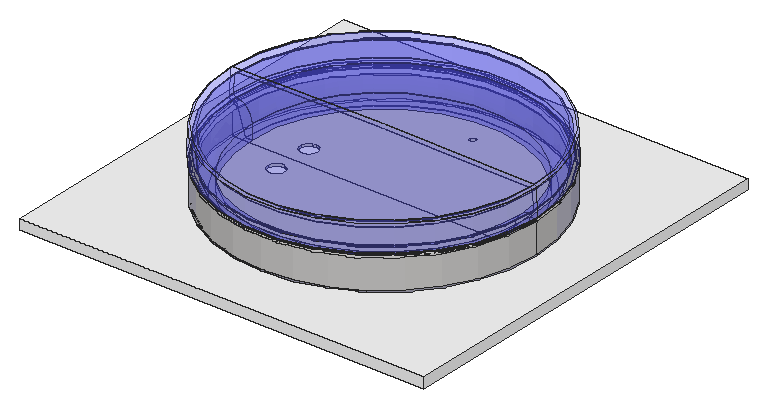
Revit family "BE_12128.2_de_DE", category Leuchten, Revit 2020
Family settings
  Basisbauteil = Fläche
  Bemaßung runder Anschluss = Durchmesser verwenden
  Teiletyp = Normal
  Beim Laden mit Abzugskörper schneiden = Ja
  Lichtquelle = Ja
  Gemeinsam genutzt = Nein
  Raumberechnungspunkt = Ja
Parameters (values of type "BEGA_12128.2_K3")
  built-in parameter 1150104 = 12.709 (stored number, unit not read)
  Wattage = 19.7 W
  Default Elevation = 0 mm
  built-in parameter 1150113 = 1 (stored number, unit not read)
  built-in parameter 1114218 = 1 (stored number, unit not read)
  Umgebungstemperatur = "25 °C"
  URL = "http://www.bega.de/de/produkt/12128.2"
  Typenkommentare = "© 2022 BEGA. Wir behalten uns das Recht vor, technische Änderungen ohne vorherige Ankündigung vorzunehmen."  # constant formula
  Type Image = 12128.2.png
  built-in parameter 1150134 = 12
  built-in parameter 1150109 = 1 (stored number, unit not read)
  Strom = ""
  built-in parameter 1150110 = 1 (stored number, unit not read)
  Spannung = 239.996 V
  Sonderanfertigung = no
  Seriennummer [instance] = "Hier können Sie die eindeutige Seriennummer für das Facility Management eintragen."
  Schutzklasse = "I"
  Schutzart = "IP 64"
  Scheinlast = 0 VA
  Produktdatenblatt = "http://www.bega.de/download/Xrfa/db/12128.2.db.de.pdf"
  Oberflächentemperatur = ""
  Neigungswinkel = 0.00°
  Model = "12128.2K4"
  Material_17 = BEGA_Reflektor
  Material_15 = BEGA_Leuchtmedium_matt
  Material_11 = BEGA_Glas_opal
  Material_09 = BEGA_Glas_klar
  Material_06 = BEGA_Oberfläche_Edelstahl_gebürstet
  Material_05 = BEGA_Oberfläche_Aluminium Guss
  Material_03 = BEGA_Oberfläche_Weiss_matt
  Material_02 = BEGA_Oberfläche_Silber_matt
  Material_01 [instance] = BEGA_Oberfläche_Grafit_matt
  M_W = no
  M_G = no
  M_A = no
  Logo = 0
  built-in parameter 1114217 = 1 (stored number, unit not read)
  built-in parameter 1150139 = (empty or 0)
  built-in parameter 1150105 = 214.46 (stored number, unit not read)
  built-in parameter 1150114 = 1 (stored number, unit not read)
  Lumens = 2694.96 lm
  built-in parameter 1150115 = 1 (stored number, unit not read)
  Leuchtenlichtstrom = "1753 lm"
  Leuchtenanzahl = ""
  Lebensdauerkriterien = "L70B50 @ 25 °C = 302000 h"
  Lastklassifizierung = Beleuchtung
  built-in parameter 1150112 = 1 (stored number, unit not read)
  Lampenlichtstrom = "2930 lm"
  Lamp = "LED 19.6 W"
  LED_Modulbezeichnung = "LED-0832/940"
  Hersteller = "BEGA"  # constant formula
  Halbstreuwinkel = ""
  Gewicht = "3.8 kg"
  Gebrauchslageneinschränkung [instance] = ""
  Frequenz = "0/50-60 Hz"
  Farbwiedergabeindex = "CRI > 90"
  Farbtemperaturverschiebung bei Dämpfen der Lampe = <Keine Auswahl>
  Farbtemperatur = "4000 K"
  Color Filter = 16777215
  built-in parameter 1150133 = 10 (stored number, unit not read)
  Energieeffizienzklasse = "LED A++ - A"
  built-in parameter 1150137 = (empty or 0)
  built-in parameter 1150132 = (empty or 0)
  ENEC = "ja"
  Dimmbar [instance] = "DALI"
  Photometric Web File = "BE_12128.2K4.IES"
  CE_Konformität = "ja"
  Bestellnummer = "12128.2K4"
  Beschreibung_Sonderanfertigung = "Hier können Sie Informationen zur Sonderanfertigung eintragen."
  Beschreibung = "Decken- und Wandleuchte"
  built-in parameter 1150106 = 2.1446 (stored number, unit not read)
  Befestigungsbohrung = "Ø 5,5 mm"
  Befestigungsabstand = "220 mm"
  Ballwurfsicher = ""
  BEGA_Intern_aus = yes
  BEGA_Intern_an = yes
  BEGA_Intern_Konstruktion = yes
  BEGA_Intern = yes
  BEGA_IES = yes
  BEGA_Dummy = no
  Anschlussleitung = ""
  Anschlussleistung [instance] = "23 W"
  Anschlusskasten = ""
  built-in parameter 1150107 = 4000 (stored number, unit not read)
  built-in parameter 1150102 = (empty or 0)
  built-in parameter 1150138 = (empty or 0)
  Aktualisierung = "2019-07-05T04:00:16"
  Abstand_zur_angestrahlten_Fläche [instance] = ""
  AC/DC = "AC/DC"
Reference planes
  plane 1 "Mitte (Vorne/Hinten)": y = 0
  plane 2: z = 0
  plane 3 "Mitte (Links/Rechts)": x = 0
  plane 4 "Links": x = -152.499
  plane 5 "Rechts": x = 152.499
  plane 6 "Unten": y = -152.5
  plane 7 "Oben": y = 152.5
  plane 8 "Vorne": z = 66.497
  plane 9 "Hinten": z = 0
Forms (mm)
  Extrusion 1, solid, material "BEGA_Platte_Weiss"
    sketch origin (0, -1119.2, 0) x (1, 0, 0) y (0, 1, 0)
      loop
        line (-200, 1319.2) -> (-200, 919.2) -> (200, 919.2) -> (200, 1319.2) -> (-200, 1319.2)
    from 0 to -10
  Extrusion 2, solid, material "BEGA_Dummy_matt", visible <- "BEGA_Dummy"
    sketch origin (77.149, -76.023, 0) x (1, 0, 0) y (0, 1, 0)
      loop
        circle (-77.149, 76.023) r 152.499
    from 0 to 66.497
Dimensions and locks
  plane 1 "Mitte (Vorne/Hinten)" to Extrusion 1 = 200 mm
  aligned and locked: plane 2 to Extrusion 1
  aligned and locked: level to Extrusion 1
Nested families
  nested 1: "BE_12128.2" at (0, 0, 0), type "BE_12128.2"
Connectors
  electrical at (0, 0, 0), driven by "Lastklassifizierung", driven by "Spannung", driven by "Scheinlast"
    settings: index 1, voltage 239.996 V, apparent load 0 VA, apparent load phase1 0 VA, apparent load phase2 0 VA, apparent load phase3 0 VA, power factor 1, load classification "Beleuchtung", number of poles 1, system type 31, power factor state 1, is connector primary yes, connector utility no, sub classification motor no, connector description ""
Definition of nested family "BE_12128.2"
  Parameters (values of type "BE_12128.2")
    Default Elevation = 1 mm
    URL = "http://www.bega.de/de/produkt"
    Type Comments = "© 2015 BEGA. Wir behalten uns das Recht vor, technische Änderungen ohne vorherige Ankündigung vorzunehmen. "  # constant formula
    Type Image = (empty or 0)
    Neigungswinkel_um_Z2 = 0.00°
    Neigungswinkel_um_Z1 = 0.00°
    Neigungswinkel_um_Y2 = 0.00°
    Neigungswinkel_um_Y1 = 0.00°
    Neigungswinkel_um_X2 = 0.00°
    Neigungswinkel_um_X1 = 0.00°
    Material_17 = none
    Material_15 = none
    Material_11 = none
    Material_09 = none
    Material_06 = none
    Material_05 = none
    Material_03 = none
    Material_02 = none
    Material_01 = none
    M_W = yes
    M_G = yes
    M_A = yes
    Länge_Platte = 350 mm  # constant formula
    Höhe_Platte = -10 mm  # constant formula
    Manufacturer = "BEGA"  # constant formula
    Drehwinkel_um_Z2 = 0.00°
    Drehwinkel_um_Z1 = 0.00°
    Breite_Platte = 350 mm  # constant formula
  Reference planes
    plane 1 "Mitte (Oben/Unten)": y = 0
    plane 2: z = 0
    plane 3 "Mitte (Links/Rechts)": x = 0
    plane 4: x = -152.499
    plane 5: z = 66.497
    plane 6: x = 152.499
    plane 7: y = -152.5
    plane 8: y = 152.5
  Forms (mm)
    Extrusion 1, solid, detail levels medium
      sketch origin (0, 0, 0) x (1, 0, 0) y (0, 1, 0)
        loop
          line (-175, 175) -> (-175, -175) -> (175, -175) -> (175, 175) -> (-175, 175)
      from 0 to -10 <- "Höhe_Platte"
    Revolve 2, solid, material <- "Material_06", detail levels medium+fine
      sketch origin (0, 0, 0) x (1, 0, 0) y (0, 0, 1)
        loop
          arc (-151.35, 3.5) -> (-150.764, 2.086) -> (-149.35, 1.5) r 2
          line (-149.35, 1.5) -> (0, 1.49) -> (0, 3.5) -> (-149.15, 3.5)
          arc (-149.15, 3.5) -> (-149.857, 3.793) -> (-150.15, 4.5) r 1
          line (-150.15, 4.5) -> (-150.15, 33.002) -> (-145.799, 28.651) -> (-144.95, 29.499) -> (-149.043, 33.592)
          arc (-149.043, 33.592) -> (-149.482, 33.886) -> (-150, 33.99) r 1.35
          arc (-150, 33.99) -> (-150.953, 33.596) -> (-151.35, 32.645) r 1.35
          line (-151.35, 32.645) -> (-151.35, 3.5)
        axis (0, 1.49) -> (0, 33.99)
      angle from 0 to 360
    Revolve 3, solid, material <- "Material_06", detail levels medium+fine
      sketch origin (0, 10, 0) x (0, -1, 0) y (0, 0, -1)
        loop
          line (-109.291, -0.446) -> (-112.733, -2.568) -> (-100, -2.568) -> (-100, 0) -> (-107.719, 0)
          arc (-107.719, 0) -> (-108.537, -0.114) -> (-109.291, -0.446) r 3
        axis (-100, 0) -> (-100, -2.568)
      angle from 0 to 360
    Extrusion 4, void
      sketch origin (0, 0, 0) x (1, 0, 0) y (0, 1, 0)
        loop
          circle (-90, 20) r 8.455
        loop
          circle (0, 110) r 2.75
        loop
          circle (-90, -20) r 8.455
        loop
          circle (0, -110) r 2.75
      from 0 to 10
    Revolve 5, solid, material <- "Material_11", detail levels medium+fine
      sketch origin (0, 0, 0) x (1, 0, 0) y (0, 0, 1)
        loop
          arc (0, 66.495) -> (-74.831, 65.822) -> (-149.654, 64.537) r 9149.237
          arc (-149.654, 64.537) -> (-151.005, 63.959) -> (-151.594, 62.612) r 1.996
          line (-151.594, 62.612) -> (-152.499, 36.572)
          arc (-152.499, 36.572) -> (-151.94, 35.112) -> (-150.5, 34.5) r 2
          line (-150.5, 34.5) -> (-145, 34.5) -> (-136, 6) -> (-130, 6) -> (-130, 20.512)
          arc (-130, 20.512) -> (-134.491, 32.395) -> (-145.71, 38.354) r 18
          arc (-145.71, 38.354) -> (-147.612, 39.384) -> (-148.327, 41.426) r 3
          line (-148.327, 41.426) -> (-147.757, 57.54)
          arc (-147.757, 57.54) -> (-146.859, 59.584) -> (-144.799, 60.444) r 3.005
          arc (-144.799, 60.444) -> (-72.403, 61.658) -> (0, 62.3) r 9145.037
          line (0, 62.3) -> (0, 66.495)
        axis (0, 66.495) -> (0, 6)
      angle from 0 to 360
    Revolve 6, solid, material <- "Material_06", detail levels medium+fine
      sketch origin (0, -10, 0) x (0, 1, 0) y (0, 0, 1)
        loop
          arc (-109.291, 0.446) -> (-108.537, 0.114) -> (-107.719, 0) r 3
          line (-107.719, 0) -> (-100, 0) -> (-100, 2.568) -> (-112.733, 2.568) -> (-109.291, 0.446)
        axis (-100, 0) -> (-100, 2.568)
      angle from 0 to 360
  Cuts and joins
    Extrusion 4 cuts Revolve 2
    Extrusion 4 cuts Revolve 3
    Extrusion 4 cuts Revolve 6
    joined: Revolve 2, Revolve 3, Revolve 6
  Dimensions and locks
    equal spacing: Extrusion 1 sketch curve, plane 3 "Mitte (Links/Rechts)", Extrusion 1 sketch curve
    equal spacing: Extrusion 1 sketch curve, plane 1 "Mitte (Oben/Unten)", Extrusion 1 sketch curve
    "Länge_Platte": Extrusion 1 sketch curve to Extrusion 1 sketch curve
    "Breite_Platte": Extrusion 1 sketch curve to Extrusion 1 sketch curve
    aligned and locked: plane 2 to Extrusion 1
    aligned and locked: level to Extrusion 1
  Automatic sketch dimensions
    Revolve 2 sketch curve to Revolve 2 sketch curve = 0 mm  (x9)
    Revolve 2 sketch curve to plane 3 "Mitte (Links/Rechts)" = 0 mm  (x2)
    Revolve 2 sketch curve to Revolve 2 sketch curve = 0.849 mm  (x2)
    Revolve 2 sketch curve to Revolve 2 sketch curve = 4.093 mm
    level to Revolve 2 sketch curve = 3.5 mm
    Revolve 2 sketch curve to Revolve 2 sketch curve = 0.2 mm
    Revolve 2 sketch curve to Revolve 2 sketch curve = 0.957 mm
    Revolve 2 sketch curve to Revolve 2 sketch curve = 1 mm  (x2)
    Revolve 2 sketch curve to Revolve 2 sketch curve = 1.2 mm
    level to Revolve 2 sketch curve = 1.49 mm
    Revolve 2 sketch curve to Revolve 2 sketch curve = 24.151 mm
    Revolve 2 sketch curve to Revolve 2 sketch curve = 3.989 mm
    Revolve 2 sketch curve to Revolve 2 sketch curve = 0.005 mm
    Revolve 2 sketch curve to Revolve 2 sketch curve = 0.362 mm
    Revolve 2 sketch curve to Revolve 2 sketch curve = 0.59 mm
    Revolve 2 sketch curve to Revolve 2 sketch curve = 0.15 mm
    Revolve 2 sketch curve to Revolve 2 sketch curve = 1.76 mm
    level to Revolve 3 sketch curve = 2.568 mm
    level to Revolve 3 sketch curve = 3 mm
    Revolve 3 sketch curve to Revolve 3 sketch curve = 5.014 mm
    Revolve 3 sketch curve to Revolve 3 sketch curve = 7.719 mm
    Revolve 3 sketch curve to level = 0 mm
    level to Revolve 3 sketch curve = 0.446 mm  (x2)
    Revolve 3 sketch curve to Revolve 3 sketch curve = 0.002 mm
    Revolve 3 sketch curve to Revolve 3 sketch curve = 0 mm  (x3)
    plane 1 "Mitte (Oben/Unten)" to Extrusion 4 sketch curve = 20 mm
    Extrusion 4 sketch curve to plane 1 "Mitte (Oben/Unten)" = 20 mm
    Extrusion 4 sketch curve to Extrusion 4 sketch curve = 0 mm
    plane 3 "Mitte (Links/Rechts)" to Extrusion 4 sketch curve = 0 mm  (x2)
    level to Revolve 6 sketch curve = 2.568 mm
    level to Revolve 6 sketch curve = 3 mm
    Revolve 6 sketch curve to Revolve 6 sketch curve = 5.014 mm
    Revolve 6 sketch curve to Revolve 6 sketch curve = 7.719 mm
    Revolve 6 sketch curve to level = 0 mm
    level to Revolve 6 sketch curve = 0.446 mm  (x2)
    Revolve 6 sketch curve to Revolve 6 sketch curve = 0.002 mm
    Revolve 6 sketch curve to Revolve 6 sketch curve = 0 mm  (x3)
    Revolve 5 sketch curve to plane 3 "Mitte (Links/Rechts)" = 0 mm  (x2)
    Revolve 5 sketch curve to Revolve 5 sketch curve = 0.328 mm
    Revolve 5 sketch curve to Revolve 5 sketch curve = 3.003 mm
    Revolve 5 sketch curve to Revolve 5 sketch curve = 3 mm
    Revolve 5 sketch curve to Revolve 5 sketch curve = 2.998 mm
    Revolve 5 sketch curve to Revolve 5 sketch curve = 1.842 mm
    Revolve 5 sketch curve to Revolve 5 sketch curve = 2.173 mm
    Revolve 5 sketch curve to Revolve 5 sketch curve = 1.995 mm
    Revolve 5 sketch curve to Revolve 5 sketch curve = 1.999 mm
    plane 3 "Mitte (Links/Rechts)" to Revolve 5 sketch curve = 44.821 mm
    Revolve 5 sketch curve to Revolve 5 sketch curve = 0.032 mm
    Revolve 5 sketch curve to Revolve 5 sketch curve = 0.101 mm
    Revolve 5 sketch curve to Revolve 5 sketch curve = 16.114 mm
    Revolve 5 sketch curve to Revolve 5 sketch curve = 0.097 mm
    Revolve 5 sketch curve to Revolve 5 sketch curve = 4.854 mm
    Revolve 5 sketch curve to Revolve 5 sketch curve = 0.072 mm
    Revolve 5 sketch curve to Revolve 5 sketch curve = 0 mm  (x5)
    Revolve 5 sketch curve to Revolve 5 sketch curve = 13.988 mm
    Revolve 5 sketch curve to Revolve 5 sketch curve = 14 mm
    level to Revolve 5 sketch curve = 6 mm
    Revolve 5 sketch curve to level = 9082.628 mm
    Revolve 5 sketch curve to Revolve 5 sketch curve = 0.005 mm
    level to Revolve 5 sketch curve = 62.3 mm
    Revolve 5 sketch curve to Revolve 5 sketch curve = 0.071 mm
    Revolve 5 sketch curve to Revolve 5 sketch curve = 4.195 mm
    Revolve 5 sketch curve to Revolve 5 sketch curve = 0.382 mm
    Revolve 5 sketch curve to Revolve 5 sketch curve = 9.492 mm
    Revolve 5 sketch curve to Revolve 5 sketch curve = 14.5 mm
    Revolve 5 sketch curve to Revolve 5 sketch curve = 2.098 mm
    Revolve 2 sketch curve to plane 3 "Mitte (Links/Rechts)" = 144.95 mm
    Revolve 2 sketch curve to Revolve 2 sketch curve = 3.351 mm
    Extrusion 4 sketch curve to plane 3 "Mitte (Links/Rechts)" = 90 mm
    Revolve 5 sketch curve to plane 3 "Mitte (Links/Rechts)" = 130 mm
    Revolve 5 sketch curve to Revolve 5 sketch curve = 6 mm
    Revolve 5 sketch curve to Revolve 5 sketch curve = 14.754 mm
    Revolve 5 sketch curve to Revolve 5 sketch curve = 15 mm
    plane 1 "Mitte (Oben/Unten)" to Extrusion 4 sketch curve = 110 mm
    Extrusion 4 sketch curve to plane 1 "Mitte (Oben/Unten)" = 110 mm
    radius of Extrusion 4 sketch curve = 8.455 mm  (x2)
    radius of Extrusion 4 sketch curve = 2.75 mm  (x2)
